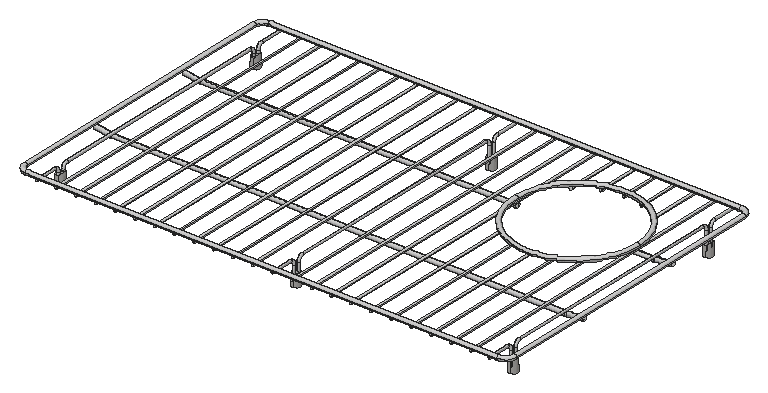
Revit family "Accessory-Sink_Rack-KOHLER-K-33716 ", category Specialty Equipment, host Face, Revit 2021 (continued)
Definition of nested family "K-33716"
  Automatic sketch dimensions
    Masking region 1 sketch curve to Masking region 1 sketch curve = 0.81047"  (x6)
    Masking region 1 sketch curve to plane 18 = 0.09571"  (x17)
    Masking region 1 sketch curve to Masking region 1 sketch curve = 0.81035"  (x7)
    Masking region 1 sketch curve to Masking region 1 sketch curve = 0.81069"  (x6)
    Masking region 1 sketch curve to plane 5 = 0.18621"  (x11)
    Masking region 1 sketch curve to Masking region 1 sketch curve = 0.81037"  (x2)
    Masking region 1 sketch curve to plane 3 "Center (Left/Right)" = 0.52789"  (x2)
    Masking region 1 sketch curve to plane 14 = 0.00363"
    Masking region 1 sketch curve to plane 9 = 0.12575"  (x2)
    Masking region 1 sketch curve to plane 9 = 0.05298"  (x5)
    plane 9 to Masking region 1 sketch curve = 0.05252"  (x5)
    plane 9 to Masking region 1 sketch curve = 0.12666"  (x2)
    Masking region 1 sketch curve to plane 14 = 0.00131"
    Masking region 1 sketch curve to Masking region 1 sketch curve = 0.81092"
    Masking region 1 sketch curve to Masking region 1 sketch curve = 0.73145"
    Masking region 1 sketch curve to Masking region 1 sketch curve = 0.00013"  (x2)
    Masking region 1 sketch curve to Masking region 1 sketch curve = 0.07924"
    Masking region 1 sketch curve to Masking region 1 sketch curve = 0.82892"  (x3)
    plane 14 to Masking region 1 sketch curve = 0.88905"
    Masking region 1 sketch curve to Masking region 1 sketch curve = 0.83034"  (x2)
    Masking region 1 sketch curve to plane 17 = 0.05244"  (x3)
    plane 17 to Masking region 1 sketch curve = 0.05307"  (x3)
    Masking region 1 sketch curve to Masking region 1 sketch curve = 0.82989"  (x3)
    plane 1 "Center (Front/Back)" to Masking region 1 sketch curve = 0.22117"
    Masking region 1 sketch curve to Masking region 1 sketch curve = 0.82938"  (x2)
    Masking region 1 sketch curve to Masking region 1 sketch curve = 0.82914"  (x2)
    Masking region 1 sketch curve to Masking region 1 sketch curve = 0.07815"
    Masking region 1 sketch curve to plane 14 = 0.00348"
    Masking region 1 sketch curve to plane 10 = 0.12446"  (x2)
    Masking region 1 sketch curve to plane 15 = 0.00348"
    Masking region 1 sketch curve to plane 10 = 0.05189"  (x5)
    plane 10 to Masking region 1 sketch curve = 0.05362"  (x5)
    Masking region 1 sketch curve to plane 14 = 0.0026"
    plane 10 to Masking region 1 sketch curve = 0.1259"  (x2)
    Masking region 1 sketch curve to plane 15 = 0.0026"
    plane 10 to Masking region 1 sketch curve = 0.44021"
    plane 4 to Masking region 1 sketch curve = 0.18676"
    Masking region 1 sketch curve to Masking region 1 sketch curve = 0.38764"
    Masking region 1 sketch curve to Masking region 1 sketch curve = 0.00216"
    Masking region 1 sketch curve to Masking region 1 sketch curve = 0.00647"
    Masking region 1 sketch curve to plane 6 = 0.18647"  (x3)
    Masking region 1 sketch curve to plane 5 = 0.18617"
    Masking region 1 sketch curve to Masking region 1 sketch curve = 0.00004"  (x2)
    Masking region 1 sketch curve to Masking region 1 sketch curve = 0.00055"  (x3)
    Masking region 1 sketch curve to Masking region 1 sketch curve = 0.00046"
    Masking region 1 sketch curve to Masking region 1 sketch curve = 0.00268"
    plane 15 to Masking region 1 sketch curve = 0.246"
    plane 15 to Masking region 1 sketch curve = 0.2459"
    plane 15 to Masking region 1 sketch curve = 0.24504"
    plane 1 "Center (Front/Back)" to Masking region 1 sketch curve = 2.67499"
    Masking region 1 sketch curve to Masking region 1 sketch curve = 2.45378"
    plane 1 "Center (Front/Back)" to Masking region 1 sketch curve = 2.67495"  (x2)
    Masking region 1 sketch curve to Masking region 1 sketch curve = 0.18744"  (x14)
    Masking region 1 sketch curve to Masking region 1 sketch curve = 0.03539"  (x2)
    Masking region 1 sketch curve to Masking region 1 sketch curve = 0.03546"  (x2)
    Masking region 1 sketch curve to Masking region 1 sketch curve = 0.08711"  (x2)
    Masking region 1 sketch curve to Masking region 1 sketch curve = 0.08717"  (x2)
    plane 18 to Masking region 1 sketch curve = 0.09177"
    plane 18 to Masking region 1 sketch curve = 0.09117"
    Masking region 1 sketch curve to plane 18 = 0.09567"
    Masking region 1 sketch curve to plane 18 = 0.09626"
    Masking region 1 sketch curve to Masking region 1 sketch curve = 0.34691"
    plane 14 to Masking region 1 sketch curve = 0.246"
    plane 14 to Masking region 1 sketch curve = 0.24554"
    plane 14 to Masking region 1 sketch curve = 0.24504"
    Masking region 1 sketch curve to Masking region 1 sketch curve = 0.00307"
    Masking region 1 sketch curve to Masking region 1 sketch curve = 0.00167"
    Masking region 1 sketch curve to Masking region 1 sketch curve = 0.00104"
    Masking region 1 sketch curve to plane 8 = 0.12702"
    plane 8 to Masking region 1 sketch curve = 0.1239"
    Masking region 1 sketch curve to Masking region 1 sketch curve = 0.00056"
    curve 204 to plane 15 = 0.00019"
    curve 204 to plane 8 = 0.18385"
    curve 154 to plane 14 = 0.00019"
    curve 154 to plane 8 = 0.18231"
    curve 205 to plane 15 = 0.00097"
    curve 204 to curve 205 = 0.03966"
    curve 155 to plane 14 = 0.00097"
    curve 154 to curve 155 = 0.03966"
    curve 205 to curve 203 = 0.00221"
    curve 155 to curve 153 = 0.0022"
    curve 207 to plane 8 = 0.00034"
    plane 8 to curve 157 = 0.00033"
    plane 8 to curve 208 = 0.00044"
    plane 8 to curve 158 = 0.00113"
    plane 15 to curve 206 = 0.00027"
    plane 8 to curve 206 = 0.12693"
    plane 14 to curve 156 = 0.00027"
    plane 8 to curve 156 = 0.12846"
    plane 15 to curve 201 = 0.00027"
    curve 206 to curve 201 = 0.01736"
    plane 14 to curve 151 = 0.00027"
    curve 156 to curve 151 = 0.01736"
    curve 202 to plane 15 = 0.00267"
    curve 201 to curve 202 = 0.03765"
    curve 152 to plane 14 = 0.00267"
    curve 151 to curve 152 = 0.03765"
    curve 164 to plane 14 = 0.00019"
    curve 164 to plane 9 = 0.18308"
    curve 194 to plane 15 = 0.00019"
    curve 194 to plane 9 = 0.18308"
    curve 195 to plane 15 = 0.00097"
    curve 194 to curve 195 = 0.03966"
    curve 165 to plane 14 = 0.00097"
    curve 164 to curve 165 = 0.03966"
    curve 195 to curve 193 = 0.0022"
    curve 165 to curve 163 = 0.0022"
    curve 167 to plane 9 = 0.00044"
    curve 197 to plane 9 = 0.00044"
    plane 9 to curve 168 = 0.00036"
    plane 9 to curve 198 = 0.00036"
    plane 15 to curve 196 = 0.00027"
    plane 9 to curve 196 = 0.12769"
    plane 14 to curve 166 = 0.00027"
    plane 9 to curve 166 = 0.12769"
    plane 14 to curve 161 = 0.00027"
    curve 166 to curve 161 = 0.01736"
    plane 15 to curve 191 = 0.00027"
    curve 196 to curve 191 = 0.01736"
    curve 162 to plane 14 = 0.00267"
    curve 161 to curve 162 = 0.03765"
    curve 192 to plane 15 = 0.00267"
    curve 191 to curve 192 = 0.03765"
    curve 184 to plane 15 = 0.00019"
    curve 184 to plane 10 = 0.18231"
    curve 174 to plane 14 = 0.00019"
    curve 174 to plane 10 = 0.18193"
    curve 185 to plane 15 = 0.00097"
    curve 184 to curve 185 = 0.03966"
    curve 175 to plane 14 = 0.00097"
    curve 174 to curve 175 = 0.03966"
    curve 185 to curve 183 = 0.0022"
    curve 175 to curve 173 = 0.0022"
    plane 10 to curve 187 = 0.00033"
    plane 10 to curve 177 = 0.00072"
    plane 10 to curve 188 = 0.00113"
    plane 10 to curve 178 = 0.00152"
    plane 15 to curve 186 = 0.00027"
    plane 10 to curve 186 = 0.12846"
    plane 14 to curve 176 = 0.00027"
    plane 10 to curve 176 = 0.12885"
    plane 15 to curve 181 = 0.00027"
    curve 186 to curve 181 = 0.01736"
    plane 14 to curve 171 = 0.00027"
    curve 176 to curve 171 = 0.01736"
    curve 182 to plane 15 = 0.00267"
    curve 181 to curve 182 = 0.03765"
    curve 172 to plane 14 = 0.00267"
    curve 171 to curve 172 = 0.03765"
    plane 15 to curve 208 = 0.13054"
    plane 15 to curve 188 = 0.13054"
    plane 15 to curve 198 = 0.13054"
    curve 203 to plane 15 = 0.0018"
    curve 193 to plane 15 = 0.0018"
    curve 183 to plane 15 = 0.0018"
    curve 197 to plane 15 = 0.13597"
    curve 187 to plane 15 = 0.13597"
    curve 207 to plane 15 = 0.13597"
    plane 14 to curve 178 = 0.13054"
    plane 14 to curve 158 = 0.13054"
    plane 14 to curve 168 = 0.13054"
    curve 153 to plane 14 = 0.0018"
    curve 163 to plane 14 = 0.0018"
    curve 173 to plane 14 = 0.0018"
    curve 157 to plane 14 = 0.13597"
    curve 177 to plane 14 = 0.13597"
    curve 167 to plane 14 = 0.13597"
    plane 7 to curve 233 = 0.18775"
    plane 7 to curve 234 = 0.18775"
    curve 151 to plane 8 = 0.05226"
    curve 327 to plane 8 = 0.05211"
    curve 279 to plane 8 = 0.05211"
    curve 235 to plane 8 = 0.05211"
    curve 209 to plane 8 = 0.05211"
    curve 199 to plane 8 = 0.05206"
    plane 8 to curve 200 = 0.05023"
    curve 200 to curve 203 = 0.00006"
    curve 203 to curve 204 = 0.00008"
    curve 208 to curve 208 = 0.05018"
    curve 208 to curve 206 = 0.00009"
    plane 8 to curve 150 = 0.05176"
    plane 8 to curve 280 = 0.05176"
    plane 8 to curve 328 = 0.05176"
    curve 203 to curve 200 = 0.00011"
    curve 150 to curve 153 = 0.00006"
    curve 153 to curve 154 = 0.00008"
    curve 158 to curve 158 = 0.05103"
    curve 158 to curve 156 = 0.00009"
    curve 153 to curve 150 = 0.00011"
    plane 8 to curve 209 = 0.0533"
    plane 8 to curve 235 = 0.0533"
    plane 18 to curve 329 = 0.09172"
    curve 328 to curve 329 = 0.8118"
    curve 236 to plane 5 = 0.18621"
    curve 235 to curve 236 = 0.81027"
    plane 4 to curve 210 = 0.18621"
    curve 209 to curve 210 = 0.81027"
    curve 280 to curve 281 = 0.8118"
    curve 329 to curve 330 = 0.1055"
    curve 281 to curve 282 = 0.1055"
    curve 236 to curve 236 = 0.10551"
    curve 210 to curve 210 = 0.10551"
    curve 237 to plane 5 = 0.18621"
    curve 236 to curve 237 = 0.81046"
    curve 282 to curve 283 = 0.81047"
    curve 331 to plane 18 = 0.09571"
    curve 330 to curve 331 = 0.81047"
    plane 4 to curve 211 = 0.18621"
    curve 210 to curve 211 = 0.81046"
    curve 237 to curve 237 = 0.1055"
    curve 211 to curve 211 = 0.1055"
    curve 283 to curve 284 = 0.1055"
    curve 331 to curve 332 = 0.1055"
    curve 333 to plane 18 = 0.09571"
    curve 332 to curve 333 = 0.81035"
    curve 284 to curve 285 = 0.81035"
    curve 238 to plane 5 = 0.18621"
    curve 237 to curve 238 = 0.81035"
    plane 4 to curve 212 = 0.18621"
    curve 211 to curve 212 = 0.81035"
    curve 212 to curve 212 = 0.1055"
    curve 333 to curve 334 = 0.1055"
    curve 285 to curve 286 = 0.1055"
    curve 238 to curve 238 = 0.1055"
    curve 286 to curve 287 = 0.81042"
    curve 335 to plane 18 = 0.09567"
    curve 334 to curve 335 = 0.81042"
    plane 4 to curve 213 = 0.18621"
    curve 212 to curve 213 = 0.81069"
    curve 239 to plane 5 = 0.18621"
    curve 238 to curve 239 = 0.81069"
    curve 213 to curve 213 = 0.1055"
    curve 239 to curve 239 = 0.1055"
    curve 335 to curve 336 = 0.10579"
    curve 287 to curve 288 = 0.10579"
    plane 4 to curve 214 = 0.18621"
    curve 213 to curve 214 = 0.81047"
    curve 240 to plane 5 = 0.18621"
    curve 239 to curve 240 = 0.81047"
    plane 18 to curve 337 = 0.09172"
    curve 336 to curve 337 = 0.81046"
    curve 288 to curve 289 = 0.81046"
    curve 240 to curve 240 = 0.1055"
    curve 214 to curve 214 = 0.1055"
    curve 289 to curve 290 = 0.1055"
    curve 337 to curve 338 = 0.1055"
    curve 290 to curve 291 = 0.81028"
    curve 339 to plane 18 = 0.09571"
    curve 338 to curve 339 = 0.81028"
    plane 4 to curve 215 = 0.18621"
    curve 214 to curve 215 = 0.81035"
    curve 241 to plane 5 = 0.18621"
    curve 240 to curve 241 = 0.81035"
    curve 339 to curve 340 = 0.1055"
    curve 291 to curve 292 = 0.1055"
    curve 241 to curve 241 = 0.1055"
    curve 215 to curve 215 = 0.1055"
    curve 292 to curve 293 = 0.81035"
    curve 341 to plane 18 = 0.09571"
    curve 340 to curve 341 = 0.81035"
    plane 4 to curve 216 = 0.18621"
    curve 215 to curve 216 = 0.81037"
    curve 242 to plane 5 = 0.18621"
    curve 241 to curve 242 = 0.81037"
    curve 293 to curve 294 = 0.1055"
    curve 341 to curve 342 = 0.1055"
    curve 242 to curve 242 = 0.1055"
    curve 216 to curve 216 = 0.1055"
    plane 4 to curve 217 = 0.18621"
    curve 216 to curve 217 = 0.81047"
    curve 243 to plane 5 = 0.18621"
    curve 242 to curve 243 = 0.81047"
    curve 294 to curve 295 = 0.81055"
    curve 343 to plane 18 = 0.09567"
    curve 342 to curve 343 = 0.81055"
    curve 343 to curve 344 = 0.10541"
    curve 295 to curve 296 = 0.10541"
    curve 217 to curve 217 = 0.1055"
    curve 243 to curve 243 = 0.1055"
    plane 4 to curve 218 = 0.18621"
    curve 217 to curve 218 = 0.81035"
    curve 244 to plane 5 = 0.18621"
    curve 243 to curve 244 = 0.81035"
    curve 345 to plane 18 = 0.09571"
    curve 344 to curve 345 = 0.81046"
    curve 296 to curve 297 = 0.81046"
    curve 297 to curve 298 = 0.10531"
    curve 345 to curve 346 = 0.10531"
    curve 244 to curve 244 = 0.1055"
    curve 218 to curve 218 = 0.1055"
    curve 298 to curve 299 = 0.81047"
    plane 18 to curve 347 = 0.09172"
    curve 346 to curve 347 = 0.81047"
    curve 245 to plane 5 = 0.18621"
    curve 244 to curve 245 = 0.81069"
    plane 4 to curve 219 = 0.18621"
    curve 218 to curve 219 = 0.81069"
    curve 347 to curve 348 = 0.1055"
    curve 299 to curve 300 = 0.1055"
    curve 245 to curve 245 = 0.1055"
    curve 219 to curve 219 = 0.1055"
    curve 301 to plane 3 "Center (Left/Right)" = 0.52841"
    plane 18 to curve 349 = 0.09172"
    curve 349 to plane 3 "Center (Left/Right)" = 0.52841"
    plane 4 to curve 220 = 0.18621"
    curve 220 to plane 3 "Center (Left/Right)" = 0.52789"
    curve 246 to plane 5 = 0.18621"
    curve 246 to plane 3 "Center (Left/Right)" = 0.52789"
    curve 301 to curve 302 = 0.1055"
    curve 349 to curve 350 = 0.1055"
    curve 220 to curve 220 = 0.1055"
    curve 246 to curve 246 = 0.1055"
    curve 351 to plane 9 = 0.05343"
    curve 303 to plane 9 = 0.05343"
    curve 162 to plane 9 = 0.05302"
    curve 197 to curve 197 = 0.05259"
    curve 221 to plane 9 = 0.05298"
    curve 247 to plane 9 = 0.05298"
    plane 9 to curve 190 = 0.05099"
    plane 9 to curve 160 = 0.05099"
    curve 190 to curve 193 = 0.00006"
    curve 160 to curve 163 = 0.00006"
    curve 163 to curve 164 = 0.00008"
    curve 193 to curve 194 = 0.00008"
    curve 168 to curve 168 = 0.05103"
    curve 198 to curve 198 = 0.05103"
    curve 198 to curve 196 = 0.00009"
    curve 168 to curve 166 = 0.00009"
    plane 9 to curve 304 = 0.05236"
    plane 9 to curve 352 = 0.05236"
    plane 9 to curve 221 = 0.05252"
    plane 9 to curve 247 = 0.05252"
    curve 163 to curve 160 = 0.00011"
    curve 193 to curve 190 = 0.00011"
    curve 248 to plane 5 = 0.18621"
    curve 247 to curve 248 = 0.81092"
    plane 4 to curve 222 = 0.18621"
    curve 221 to curve 222 = 0.81092"
    curve 353 to plane 18 = 0.09571"
    curve 352 to curve 353 = 0.81108"
    curve 304 to curve 305 = 0.81108"
    curve 248 to curve 248 = 0.1055"
    curve 222 to curve 222 = 0.1055"
    curve 353 to curve 354 = 0.1055"
    curve 305 to curve 306 = 0.1055"
    curve 306 to curve 307 = 0.81042"
    plane 18 to curve 355 = 0.09172"
    curve 354 to curve 355 = 0.81042"
    curve 249 to plane 5 = 0.18621"
    curve 248 to curve 249 = 0.81047"
    plane 4 to curve 223 = 0.18621"
    curve 222 to curve 223 = 0.81047"
    curve 307 to curve 308 = 0.1055"
    curve 355 to curve 356 = 0.1055"
    curve 249 to curve 249 = 0.1055"
    curve 223 to curve 223 = 0.1055"
    plane 4 to curve 224 = 0.18621"
    curve 223 to curve 224 = 0.81035"
    curve 250 to plane 5 = 0.18621"
    curve 249 to curve 250 = 0.81035"
    plane 18 to curve 357 = 0.09172"
    curve 356 to curve 357 = 0.8104"
    curve 308 to curve 309 = 0.8104"
    curve 224 to curve 224 = 0.1055"
    curve 250 to curve 250 = 0.1055"
    curve 309 to curve 310 = 0.1055"
    curve 357 to curve 358 = 0.1055"
    plane 18 to curve 272 = 0.09172"
    curve 358 to curve 272 = 0.73145"
    curve 272 to plane 18 = 0.09571"
    curve 272 to curve 272 = 0.00013"
    curve 273 to plane 18 = 0.6837"
    curve 272 to curve 273 = 0.07911"
    curve 251 to plane 5 = 0.18621"
    curve 250 to curve 251 = 0.81069"
    curve 310 to curve 311 = 0.81069"
    plane 18 to curve 271 = 0.6837"
    curve 272 to curve 271 = 0.07924"
    plane 4 to curve 225 = 0.18621"
    curve 224 to curve 225 = 0.81069"
    curve 273 to plane 18 = 1.02916"
    curve 273 to curve 273 = 0.1055"
    curve 251 to curve 251 = 0.1055"
    curve 311 to curve 312 = 0.1055"
    curve 225 to curve 225 = 0.1055"
    plane 18 to curve 271 = 1.02916"
    curve 271 to curve 271 = 0.1055"
    curve 252 to plane 5 = 0.18621"
    curve 251 to curve 252 = 0.82892"
    curve 312 to curve 313 = 0.82892"
    plane 4 to curve 226 = 0.18621"
    curve 225 to curve 226 = 0.82892"
    plane 14 to curve 274 = 0.88905"
    curve 273 to curve 274 = 0.82892"
    curve 270 to plane 1 "Center (Front/Back)" = 0.35952"
    curve 271 to curve 270 = 0.82892"
    curve 313 to curve 314 = 0.1055"
    curve 226 to curve 226 = 0.1055"
    curve 252 to curve 252 = 0.1055"
    curve 270 to plane 1 "Center (Front/Back)" = 0.27241"
    curve 270 to curve 270 = 0.1055"
    plane 14 to curve 274 = 0.80194"
    curve 274 to curve 274 = 0.1055"
    curve 253 to plane 5 = 0.18621"
    curve 252 to curve 253 = 0.83034"
    plane 14 to curve 275 = 0.34321"
    curve 274 to curve 275 = 0.83034"
    curve 314 to curve 315 = 0.83034"
    plane 4 to curve 227 = 0.18621"
    curve 226 to curve 227 = 0.83034"
    plane 1 "Center (Front/Back)" to curve 269 = 0.18632"
    curve 270 to curve 269 = 0.83034"
    curve 315 to curve 316 = 0.1055"
    plane 1 "Center (Front/Back)" to curve 269 = 0.2217"
    curve 269 to curve 269 = 0.1055"
    curve 227 to curve 227 = 0.1055"
    plane 14 to curve 275 = 0.30783"
    curve 275 to curve 275 = 0.1055"
    curve 253 to curve 253 = 0.1055"
    curve 317 to plane 17 = 0.05244"
    curve 276 to plane 17 = 0.05244"
    curve 268 to plane 17 = 0.05244"
    curve 228 to plane 17 = 0.05244"
    curve 254 to plane 17 = 0.05244"
    plane 17 to curve 254 = 0.05307"
    plane 17 to curve 228 = 0.05307"
    plane 17 to curve 318 = 0.05307"
    plane 17 to curve 276 = 0.05307"
    plane 17 to curve 268 = 0.05307"
    plane 1 "Center (Front/Back)" to curve 267 = 0.22117"
    curve 268 to curve 267 = 0.82989"
    curve 255 to plane 5 = 0.18621"
    curve 254 to curve 255 = 0.82989"
    plane 14 to curve 277 = 0.30836"
    curve 276 to curve 277 = 0.82989"
    curve 318 to curve 319 = 0.82989"
    plane 4 to curve 229 = 0.18621"
    curve 228 to curve 229 = 0.82989"
    plane 14 to curve 277 = 0.34382"
    curve 277 to curve 277 = 0.1055"
    curve 319 to curve 320 = 0.1055"
    curve 229 to curve 229 = 0.1055"
    curve 255 to curve 255 = 0.1055"
    plane 1 "Center (Front/Back)" to curve 267 = 0.18571"
    curve 267 to curve 267 = 0.1055"
    curve 320 to curve 321 = 0.82938"
    curve 256 to plane 5 = 0.18621"
    curve 255 to curve 256 = 0.82938"
    plane 4 to curve 230 = 0.18621"
    curve 229 to curve 230 = 0.82938"
    curve 266 to plane 1 "Center (Front/Back)" = 0.27299"
    curve 267 to curve 266 = 0.82938"
    plane 14 to curve 278 = 0.80252"
    curve 277 to curve 278 = 0.82938"
    curve 321 to curve 322 = 0.1055"
    curve 256 to curve 256 = 0.1055"
    curve 230 to curve 230 = 0.1055"
    curve 266 to plane 1 "Center (Front/Back)" = 0.36016"
    curve 266 to curve 266 = 0.1055"
    curve 278 to curve 278 = 0.1055"
    curve 322 to curve 323 = 0.82914"
    curve 257 to plane 5 = 0.18621"
    curve 256 to curve 257 = 0.82914"
    curve 265 to plane 10 = 0.89712"
    curve 261 to plane 10 = 0.89712"
    plane 4 to curve 231 = 0.18621"
    curve 230 to curve 231 = 0.82914"
    curve 231 to curve 231 = 0.1055"
    curve 323 to curve 324 = 0.1055"
    curve 261 to curve 261 = 0.1055"
    curve 265 to curve 265 = 0.1055"
    curve 257 to curve 257 = 0.1055"
    plane 18 to curve 262 = 0.09571"
    curve 265 to curve 262 = 0.07815"
    curve 179 to plane 10 = 0.05226"
    curve 258 to plane 10 = 0.05189"
    curve 263 to plane 10 = 0.05189"
    curve 232 to plane 10 = 0.05189"
    curve 325 to plane 10 = 0.05189"
    curve 169 to plane 10 = 0.05187"
    plane 10 to curve 180 = 0.05176"
    curve 180 to curve 183 = 0.00006"
    curve 183 to curve 184 = 0.00008"
    plane 10 to curve 170 = 0.05215"
    curve 188 to curve 188 = 0.05103"
    curve 170 to curve 173 = 0.00006"
    curve 188 to curve 186 = 0.00009"
    curve 173 to curve 174 = 0.00008"
    curve 178 to curve 178 = 0.05103"
    curve 178 to curve 176 = 0.00009"
    curve 183 to curve 180 = 0.00011"
    plane 10 to curve 232 = 0.05362"
    plane 10 to curve 264 = 0.05362"
    plane 10 to curve 326 = 0.05362"
    plane 10 to curve 258 = 0.05362"
    curve 173 to curve 170 = 0.00011"
    curve 259 to plane 6 = 0.1866"
    plane 18 to curve 260 = 0.09177"
    curve 260 to plane 6 = 0.1866"
    curve 208 to curve 205 = 0.04396"
    curve 188 to curve 185 = 0.04217"
    curve 198 to curve 195 = 0.04217"
    curve 182 to curve 188 = 0.06294"
    curve 192 to curve 198 = 0.06294"
    curve 202 to curve 208 = 0.065"
    curve 191 to curve 192 = 0.03167"
    curve 181 to curve 182 = 0.03167"
    curve 201 to curve 202 = 0.03112"
    curve 179 to curve 181 = 0.02336"
    curve 189 to curve 191 = 0.02336"
    curve 199 to curve 201 = 0.02185"
    curve 247 to plane 5 = 0.18621"
    curve 258 to plane 5 = 0.18621"
    curve 254 to plane 5 = 0.18621"
    curve 235 to plane 5 = 0.18617"
    curve 181 to curve 179 = 0.03089"
    curve 191 to curve 189 = 0.03089"
    curve 201 to curve 199 = 0.02938"
    plane 1 "Center (Front/Back)" to curve 279 = 2.67499"
    plane 1 "Center (Front/Back)" to curve 287 = 2.67499"
    plane 1 "Center (Front/Back)" to curve 295 = 2.67499"
    plane 1 "Center (Front/Back)" to curve 259 = 2.67499"
    curve 233 to curve 279 = 0"
    plane 1 "Center (Front/Back)" to curve 303 = 2.67499"
    curve 295 to curve 292 = 0.00004"
    curve 259 to curve 322 = 0.00004"
    curve 303 to curve 304 = 0.00004"  (x2)
    curve 318 to curve 322 = 0"
    curve 303 to curve 302 = 0.00004"
    curve 321 to curve 322 = 0"  (x2)
    curve 304 to curve 305 = 0"
    curve 320 to curve 321 = 0"
    curve 305 to curve 306 = 0"  (x2)
    curve 319 to curve 320 = 0"  (x2)
    curve 306 to curve 307 = 0"
    curve 322 to curve 324 = 0"
    curve 307 to curve 308 = 0"  (x2)
    curve 324 to curve 325 = 0"
    curve 308 to curve 309 = 0"
    curve 317 to curve 318 = 0"  (x2)
    curve 309 to curve 310 = 0"  (x2)
    curve 279 to curve 280 = 0.00004"  (x2)
    curve 310 to curve 311 = 0"
    curve 280 to curve 281 = 0"
    curve 311 to curve 312 = 0"  (x2)
    curve 281 to curve 282 = 0"  (x2)
    curve 312 to curve 313 = 0"
    curve 282 to curve 283 = 0"
    curve 313 to curve 314 = 0"  (x2)
    curve 283 to curve 284 = 0"  (x2)
    curve 314 to curve 315 = 0"
    curve 284 to curve 285 = 0"
    curve 315 to curve 316 = 0"  (x2)
    curve 285 to curve 286 = 0"  (x2)
    curve 300 to curve 302 = 0"
    curve 301 to curve 302 = 0"  (x2)
    curve 299 to curve 300 = 0"  (x2)
    curve 287 to curve 288 = 0.00004"  (x2)
    curve 298 to curve 299 = 0"
    curve 288 to curve 289 = 0"
    curve 297 to curve 298 = 0"  (x2)
    curve 289 to curve 290 = 0"  (x2)
    curve 295 to curve 296 = 0.00004"  (x2)
    curve 291 to curve 292 = 0"  (x2)
    curve 323 to curve 324 = 0"  (x2)
    curve 292 to curve 293 = 0"
    curve 293 to curve 294 = 0"  (x2)
    curve 325 to curve 326 = 0.00055"  (x2)
    curve 303 to curve 303 = 0.18744"
    curve 279 to curve 279 = 0.18744"
    curve 295 to curve 295 = 0.18744"
    curve 233 to curve 233 = 0.18744"
    curve 287 to curve 287 = 0.18744"
    curve 291 to curve 291 = 0.18744"
    curve 297 to curve 297 = 0.18744"
    curve 290 to curve 290 = 0.18744"
    curve 299 to curve 299 = 0.18744"
    curve 317 to curve 317 = 0.18744"
    curve 286 to curve 286 = 0.18744"
    curve 316 to curve 316 = 0.18744"
    curve 284 to curve 284 = 0.18744"
    curve 314 to curve 314 = 0.18744"
    curve 282 to curve 282 = 0.18744"
    curve 312 to curve 312 = 0.18744"
    curve 293 to curve 293 = 0.18744"
    curve 301 to curve 301 = 0.18744"
    curve 310 to curve 310 = 0.18744"
    curve 325 to curve 325 = 0.18744"
    curve 308 to curve 308 = 0.18744"
    curve 324 to curve 324 = 0.18744"
    curve 319 to curve 319 = 0.18744"
    curve 306 to curve 306 = 0.18744"
    curve 321 to curve 321 = 0.18744"
    curve 259 to curve 259 = 0.18803"
    plane 1 "Center (Front/Back)" to curve 268 = 0.35653"
    curve 268 to curve 268 = 0"
    curve 265 to curve 262 = 0.93089"
    curve 265 to curve 265 = 0.34691"
    plane 18 to curve 327 = 0.09177"
    plane 18 to curve 335 = 0.09177"
    plane 18 to curve 351 = 0.09177"
    plane 18 to curve 234 = 0.09177"
    plane 18 to curve 343 = 0.09177"
    plane 18 to curve 342 = 0.09172"
    plane 18 to curve 344 = 0.09172"
    plane 18 to curve 345 = 0.09172"
    plane 18 to curve 341 = 0.09172"
    plane 18 to curve 348 = 0.09172"
    plane 18 to curve 350 = 0.09172"
    plane 18 to curve 340 = 0.09172"
    plane 18 to curve 352 = 0.09172"
    plane 18 to curve 353 = 0.09172"
    plane 18 to curve 354 = 0.09172"
    plane 18 to curve 356 = 0.09172"
    plane 18 to curve 339 = 0.09172"
    plane 18 to curve 338 = 0.09172"
    plane 18 to curve 336 = 0.09172"
    plane 18 to curve 334 = 0.09172"
    plane 18 to curve 333 = 0.09172"
    plane 18 to curve 332 = 0.09172"
    plane 18 to curve 331 = 0.09172"
    plane 18 to curve 263 = 0.09172"
    plane 18 to curve 330 = 0.09172"
    plane 18 to curve 328 = 0.09172"
    plane 18 to curve 358 = 0.09172"
    plane 18 to curve 346 = 0.09172"
    plane 18 to curve 264 = 0.09117"
    curve 327 to plane 18 = 0.09567"
    curve 234 to plane 18 = 0.09567"
    curve 351 to plane 18 = 0.09567"
    curve 330 to plane 18 = 0.09571"
    curve 328 to plane 18 = 0.09571"
    curve 358 to plane 18 = 0.09571"
    curve 357 to plane 18 = 0.09571"
    curve 356 to plane 18 = 0.09571"
    curve 332 to plane 18 = 0.09571"
    curve 334 to plane 18 = 0.09571"
    curve 262 to plane 18 = 0.09571"
    curve 336 to plane 18 = 0.09571"
    curve 337 to plane 18 = 0.09571"
    curve 338 to plane 18 = 0.09571"
    curve 340 to plane 18 = 0.09571"
    curve 342 to plane 18 = 0.09571"
    curve 263 to plane 18 = 0.09571"
    curve 344 to plane 18 = 0.09571"
    curve 355 to plane 18 = 0.09571"
    curve 354 to plane 18 = 0.09571"
    curve 346 to plane 18 = 0.09571"
    curve 352 to plane 18 = 0.09571"
    curve 329 to plane 18 = 0.09571"
    curve 350 to plane 18 = 0.09571"
    curve 347 to plane 18 = 0.09571"
    curve 349 to plane 18 = 0.09571"
    curve 348 to plane 18 = 0.09571"
    curve 260 to plane 18 = 0.09626"
    curve 264 to plane 18 = 0.09626"
    curve 262 to curve 261 = 0.58398"
    curve 261 to curve 261 = 0.34691"
    curve 278 to curve 278 = 0.08717"
    curve 149 to curve 150 = 0.00298"
    curve 159 to curve 160 = 0.00298"
    curve 169 to curve 170 = 0.00298"
    curve 159 to curve 161 = 0.02336"
    curve 149 to curve 151 = 0.02336"
    curve 169 to curve 171 = 0.02336"
    curve 161 to curve 162 = 0.03167"
    curve 171 to curve 172 = 0.03167"
    curve 151 to curve 152 = 0.03167"
    plane 14 to curve 276 = 0.17301"
    curve 276 to curve 276 = 0"
    curve 178 to curve 175 = 0.04217"
    curve 158 to curve 155 = 0.04217"
    curve 168 to curve 165 = 0.04217"
    curve 151 to curve 149 = 0.03089"
    curve 171 to curve 169 = 0.03089"
    curve 161 to curve 159 = 0.03089"
    plane 4 to curve 221 = 0.18621"
    plane 4 to curve 232 = 0.18621"
    plane 4 to curve 228 = 0.18621"
    plane 4 to curve 209 = 0.18617"
    radius of Sweep 1 sketch curve = 0.0937"
    radius of Sweep 2 sketch curve = 0.0937"
    radius of Sweep 3 sketch curve = 0.0937"
    radius of Sweep 4 sketch curve = 2.84339"
    radius of Sweep 4 sketch curve = 0.0937"
    radius of Sweep 5 sketch curve = 0.05275"
    radius of Sweep 6 sketch curve = 0.05275"
    radius of Sweep 7 sketch curve = 0.05275"
    radius of Extrusion 8 sketch curve = 0.05275"  (x21)
    radius of Extrusion 27 sketch curve = 2.74834"
    radius of Extrusion 29 sketch curve = 0.0931"
    radius of Extrusion 30 sketch curve = 0.0931"
    radius of Extrusion 31 sketch curve = 2.95276"
    radius of Extrusion 31 sketch curve = 2.748"
    radius of Extrusion 43 sketch curve = 2.748"
    radius of Masking region 1 sketch curve = 2.7485"
